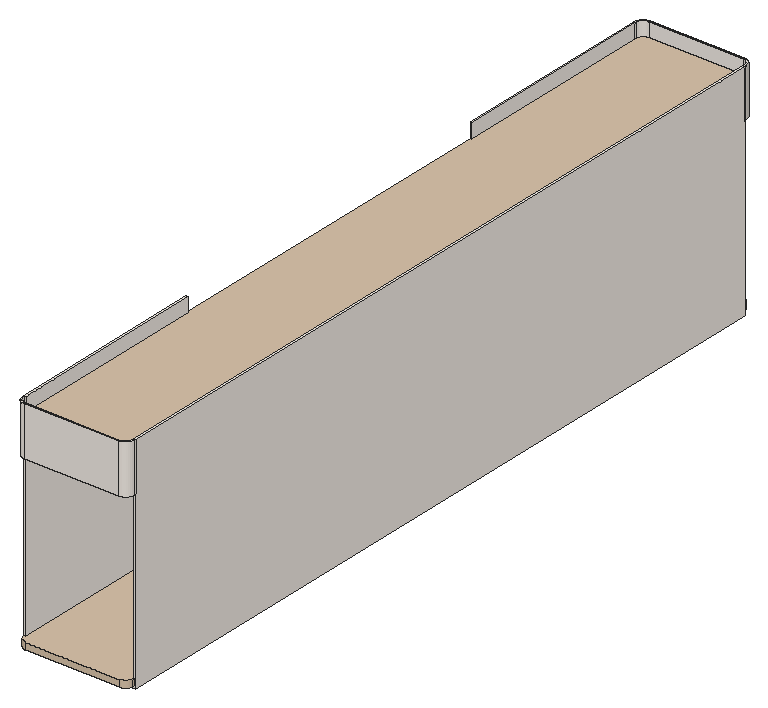
Revit family "Haworth_ActiveComponents_SuspendedEnder_BUILD", category Furniture Systems, Revit 2015
Parameters (values of type "63w - Open with Box Drawer")
  Width = 63"
  Warranty = "http://www.haworth.com/resources/product-info/warranties"
  URL - Product = "http://www.haworth.com/products/workspaces/accessories/active-components"
  URL = "http://www.haworth.com/"
  Type Comments = ""
  Sustainability Info = "https://www.haworth.com/company-info/sustainability"
  Size = "Verify Final Dim. w/ Haworth"  # constant formula
  Shelf Finish [instance] = Haworth _ Wood _ White Oak
  Revision Number = "1"  # constant formula
  Open with Box Drawer = not(Box File)  # yes
  Model = "AHEA, AHEC"  # constant formula
  Min. Width = 51"  # constant formula
  Max. Width = 63"  # constant formula
  Manufacturer = "Haworth"  # constant formula
  Drawer Height = if(Box File, 18", 3 15/16")  # 3 15/16"
  Drawer Finish [instance] = Haworth _ Paint _ Plaster
  Description = "Haworth Active Components Suspended Ender - Open with Box Drawer - 63w"
  Case Finish [instance] = Haworth _ Paint _ Plaster
  Box File = no
  Author = "Haworth (Alias)"  # constant formula
  Assembly Code = "E2020200"
  Actual Width = if(Width < Min. Width, Min. Width, if(Width > Max. Width, Max. Width, Width))  # 63"
  Actual Mounting Height = 29"
  Actual Height = 18"  # constant formula
  Actual Depth = 9"  # constant formula
Types (4): name | Width | Open with Box Drawer | Drawer Height | Description | Box File | Actual Width
  51w - Box File | 51" | no | 18" | "Haworth Active Components Suspended Ender - Box File - 51w" | yes | 51"
  63w - Box File | 63" | no | 18" | "Haworth Active Components Suspended Ender - Box File - 63w" | yes | 63"
  51w - Open with Box Drawer | 51" | yes | 3 15/16" | "Haworth Active Components Suspended Ender - Open with Box Drawer - 51w" | no | 51"
  63w - Open with Box Drawer | 63" | yes | 3 15/16" | "Haworth Active Components Suspended Ender - Open with Box Drawer - 63w" | no | 63"
Reference planes (in)
  plane 1: z = 0
  plane 2 "Center L/R": x = 0
  plane 3 "Left": x = -4.5
  plane 4 "Right": x = 4.5
  plane 5 "Front": y = -24.87452
  plane 6 "Back": y = 38.12548
  plane 7 "Center (F/B)": y = 6.62548
  plane 8 "Inside Front": y = -24.74952
  plane 9 "Inside Right": x = 4.375
  plane 10 "Inside Left": x = -4.375
  plane 11: y = -7.74952
  plane 12: y = -7.70152
  plane 13 "Inside Back": y = 38.00048
  plane 14: y = 21.00048
  plane 15: y = 20.95248
  plane 16: z = 11.1875
  plane 17: z = 11.73437
  plane 18: z = 19.295
  plane 19: z = 19.84187
  plane 20: z = 27.90437
  plane 21: z = 27.37312
  plane 22 "Top": z = 29
  plane 23: z = 11
  plane 24: y = -24.06202
  plane 25: y = 37.31298
  plane 26 "Drawer Bottom": z = 25.0625
Forms (in)
  Extrusion 1, solid, material "Haworth _ Wood _ White Oak" <- "Shelf Finish"
    sketch origin (0, 0, 0) x (1, 0, 0) y (0, 1, 0)
      loop
        line (-3.8125, -24.74952) -> (3.8125, -24.74952)
        arc (3.8125, -24.74952) -> (4.21025, -24.58477) -> (4.375, -24.18702) r 0.5625
        line (4.375, -24.18702) -> (4.375, 37.40673)
        arc (4.375, 37.40673) -> (4.20109, 37.82657) -> (3.78125, 38.00048) r 0.59375
        line (3.78125, 38.00048) -> (-3.8125, 38.00048)
        arc (-3.8125, 38.00048) -> (-4.21025, 37.83573) -> (-4.375, 37.43798) r 0.5625
        line (-4.375, 37.43798) -> (-4.375, -24.18702)
        arc (-4.375, -24.18702) -> (-4.21025, -24.58477) -> (-3.8125, -24.74952) r 0.5625
    from 11.1875 to 11.73438
  Extrusion 2, solid, material "Haworth _ Wood _ White Oak" <- "Shelf Finish"
    sketch origin (0, 0, 0) x (1, 0, 0) y (0, 1, 0)
      loop
        line (-3.8125, -24.74952) -> (3.8125, -24.74952)
        arc (3.8125, -24.74952) -> (4.21025, -24.58477) -> (4.375, -24.18702) r 0.5625
        line (4.375, -24.18702) -> (4.375, 37.40673)
        arc (4.375, 37.40673) -> (4.20109, 37.82657) -> (3.78125, 38.00048) r 0.59375
        line (3.78125, 38.00048) -> (-3.8125, 38.00048)
        arc (-3.8125, 38.00048) -> (-4.21025, 37.83573) -> (-4.375, 37.43798) r 0.5625
        line (-4.375, 37.43798) -> (-4.375, -24.18702)
        arc (-4.375, -24.18702) -> (-4.21025, -24.58477) -> (-3.8125, -24.74952) r 0.5625
    from 27.37312 to 27.90437
  Extrusion 3, solid, material "Haworth _ Wood _ White Oak" <- "Shelf Finish"
    sketch origin (0, 0, 0) x (1, 0, 0) y (0, 1, 0)
      loop
        line (4.375, -7.70152) -> (4.375, 20.95248) -> (-4.375, 20.95248) -> (-4.375, -7.70152) -> (4.375, -7.70152)
    from 19.295 to 19.84187
  Extrusion 4, solid, material "Haworth _ Paint _ Plaster" <- "Case Finish"
    sketch origin (0, 6.62548, 0) x (-1, 0, 0) y (0, 0, 1)
      loop
        line (-3.5, 11) -> (-3.5, 11.1875) -> (-4.375, 11.1875) -> (-4.375, 29) -> (-4.5, 29) -> (-4.5, 11) -> (-3.5, 11)
    from -30.6875 to 30.6875
  Extrusion 5, solid, material "Haworth _ Paint _ Plaster" <- "Case Finish"
    sketch origin (0, 6.62548, 0) x (1, 0, 0) y (0, 0, -1)
      loop
        line (-3.5, -11) -> (-4.5, -11) -> (-4.5, -29) -> (-4.375, -29) -> (-4.375, -11.1875) -> (-3.5, -11.1875) -> (-3.5, -11)
    from -30.6875 to -14.327
  Extrusion 6, solid, material "Haworth _ Paint _ Plaster" <- "Case Finish"
    sketch origin (0, 6.62548, 0) x (1, 0, 0) y (0, 0, 1)
      loop
        line (-3.5, 11) -> (-3.5, 11.1875) -> (-4.375, 11.1875) -> (-4.375, 29) -> (-4.5, 29) -> (-4.5, 11) -> (-3.5, 11)
    from -30.6875 to -14.327
  Extrusion 7, solid, material "Haworth _ Paint _ Plaster" <- "Case Finish"
    sketch origin (0, 0, 0) x (0, 1, 0) y (0, 0, 1)
      loop
        line (-7.74952, 11.79688) -> (-8.62452, 11.79688) -> (-8.62452, 11.73438) -> (-7.70152, 11.73438) -> (-7.70152, 27.37312) -> (-7.74952, 27.37312) -> (-7.74952, 11.79688)
    from -4.375 to 4.375
  Extrusion 8, solid, material "Haworth _ Paint _ Plaster" <- "Case Finish"
    sketch origin (0, 13.25096, 0) x (0, -1, 0) y (0, 0, -1)
      loop
        line (-7.74952, -11.79687) -> (-7.74952, -27.37312) -> (-7.70152, -27.37312) -> (-7.70152, -11.73437) -> (-8.62452, -11.73437) -> (-8.62452, -11.79687) -> (-7.74952, -11.79687)
    from -4.375 to 4.375
  Extrusion 9, solid, material "Haworth _ Paint _ Plaster" <- "Drawer Finish"
    sketch origin (0, 0, 0) x (1, 0, 0) y (0, 1, 0)
      loop
        line (-3.8125, -24.87452) -> (3.8125, -24.87452)
        arc (3.8125, -24.87452) -> (4.29864, -24.67316) -> (4.5, -24.18702) r 0.6875
        line (4.5, -24.18702) -> (4.5, -24.06202) -> (4.375, -24.06202) -> (4.375, -24.18702)
        arc (4.375, -24.18702) -> (4.21025, -24.58477) -> (3.8125, -24.74952) r 0.5625
        line (3.8125, -24.74952) -> (-3.8125, -24.74952)
        arc (-3.8125, -24.74952) -> (-4.21025, -24.58477) -> (-4.375, -24.18702) r 0.5625
        line (-4.375, -24.18702) -> (-4.375, -24.06202) -> (-4.5, -24.06202) -> (-4.5, -24.18702)
        arc (-4.5, -24.18702) -> (-4.29864, -24.67316) -> (-3.8125, -24.87452) r 0.6875
    from 25.0625 to 29
  Extrusion 10, solid, material "Haworth _ Paint _ Plaster" <- "Drawer Finish"
    sketch origin (0, 13.25096, 0) x (1, 0, 0) y (0, 1, 0)
      loop
        arc (-3.8125, 24.87452) -> (-4.29864, 24.67316) -> (-4.5, 24.18702) r 0.6875
        line (-4.5, 24.18702) -> (-4.5, 24.06202) -> (-4.375, 24.06202) -> (-4.375, 24.18702)
        arc (-4.375, 24.18702) -> (-4.21025, 24.58477) -> (-3.8125, 24.74952) r 0.5625
        line (-3.8125, 24.74952) -> (3.8125, 24.74952)
        arc (3.8125, 24.74952) -> (4.21025, 24.58477) -> (4.375, 24.18702) r 0.5625
        line (4.375, 24.18702) -> (4.375, 24.06202) -> (4.5, 24.06202) -> (4.5, 24.18702)
        arc (4.5, 24.18702) -> (4.29864, 24.67316) -> (3.8125, 24.87452) r 0.6875
        line (3.8125, 24.87452) -> (-3.8125, 24.87452)
    from 25.0625 to 29
Lines and regions (in)
  Masking region 1
    outline origin (0, 0, 0) x (1, 0, 0) y (0, 1, 0)
      loop
        arc (-3.8125, 38.12548) -> (-4.29864, 37.92412) -> (-4.5, 37.43798) r 0.6875
        line (-4.5, 37.43798) -> (-4.5, -24.18702)
        arc (-4.5, -24.18702) -> (-4.29864, -24.67316) -> (-3.8125, -24.87452) r 0.6875
        line (-3.8125, -24.87452) -> (3.8125, -24.87452)
        arc (3.8125, -24.87452) -> (4.29864, -24.67316) -> (4.5, -24.18702) r 0.6875
        line (4.5, -24.18702) -> (4.5, 37.43798)
        arc (4.5, 37.43798) -> (4.29864, 37.92412) -> (3.8125, 38.12548) r 0.6875
        line (3.8125, 38.12548) -> (-3.8125, 38.12548)
  symbolic lines, detail levels medium+fine
    curve 1: line (-4.5, -7.70152, 0) -> (4.5, -7.70152, 0)
    curve 2: line (4.5, 20.95248, 0) -> (-4.5, 20.95248, 0)
Dimensions and locks (in)
  equal spacing: plane 3 "Left", plane 2 "Center L/R", plane 4 "Right"
  equal spacing: plane 6 "Back", plane 7 "Center (F/B)", plane 5 "Front"
  "Actual Width": plane 6 "Back" to plane 5 "Front"
  locked: plane 8 "Inside Front" to plane 5 "Front" at 0.125
  locked: plane 9 "Inside Right" to plane 4 "Right" at 0.125
  "Actual Depth": plane 3 "Left" to plane 4 "Right"
  locked: plane 3 "Left" to plane 10 "Inside Left" at 0.125
  locked: plane 12 to plane 11 at 0.048
  locked: plane 11 to plane 8 "Inside Front" at 17
  locked: plane 15 to plane 14 at 0.048
  locked: plane 14 to plane 13 "Inside Back" at 17
  locked: plane 6 "Back" to plane 13 "Inside Back" at 0.125
  "Actual Height": plane 22 "Top" to plane 23
  locked: plane 16 to plane 23 at 0.1875
  locked: plane 17 to plane 16 at 0.54687
  locked: plane 19 to plane 18 at 0.54688
  locked: plane 18 to plane 17 at 7.56062
  locked: plane 21 to plane 19 at 7.53125
  locked: plane 20 to plane 21 at 0.53125
  locked: plane 24 to plane 8 "Inside Front" at 0.6875
  locked: plane 25 to plane 13 "Inside Back" at 0.6875
  locked: Extrusion 4 sketch curve to plane 4 "Right" at 1
  locked: plane 3 "Left" to Extrusion 5 sketch curve at 1
  locked: Extrusion 5 to Extrusion 5 at 1
  locked: Extrusion 7 sketch curve to plane 17 at 0.0625
  locked: Extrusion 7 sketch curve to plane 11 at 0.875
  locked: Extrusion 8 sketch curve to plane 17 at 0.0625
  locked: plane 14 to Extrusion 8 sketch curve at 0.875
  "Drawer Height": plane 26 "Drawer Bottom" to plane 22 "Top"
  "Actual Mounting Height": plane 22 "Top" to plane 1
  aligned and locked: level to plane 1
  aligned and locked: plane 8 "Inside Front" to Extrusion 1 sketch curve
  aligned and locked: Extrusion 1 sketch curve to plane 9 "Inside Right"
  aligned and locked: Extrusion 1 sketch curve to plane 10 "Inside Left"
  aligned and locked: plane 13 "Inside Back" to Extrusion 1 sketch curve
  aligned and locked: Extrusion 1 to plane 16
  aligned and locked: plane 17 to Extrusion 1
  aligned and locked: Extrusion 2 sketch curve to plane 9 "Inside Right"
  aligned and locked: plane 13 "Inside Back" to Extrusion 2 sketch curve
  aligned and locked: plane 8 "Inside Front" to Extrusion 2 sketch curve
  aligned and locked: Extrusion 2 sketch curve to plane 10 "Inside Left"
  aligned and locked: plane 20 to Extrusion 2
  aligned and locked: Extrusion 2 to plane 21
  aligned and locked: Extrusion 3 sketch curve to plane 10 "Inside Left"
  aligned and locked: plane 15 to Extrusion 3 sketch curve
  aligned and locked: Extrusion 3 sketch curve to plane 9 "Inside Right"
  aligned and locked: plane 12 to Extrusion 3 sketch curve
  aligned and locked: plane 19 to Extrusion 3
  aligned and locked: Extrusion 3 to plane 18
  aligned and locked: Extrusion 4 sketch curve to plane 23
  aligned and locked: Extrusion 4 sketch curve to plane 4 "Right"
  aligned and locked: Extrusion 4 sketch curve to plane 9 "Inside Right"
  aligned and locked: plane 22 "Top" to Extrusion 4 sketch curve
  aligned and locked: plane 16 to Extrusion 4 sketch curve
  aligned and locked: Extrusion 4 to plane 25
  aligned and locked: Extrusion 4 to plane 24
  aligned and locked: plane 23 to Extrusion 5 sketch curve
  aligned and locked: Extrusion 5 sketch curve to plane 16
  aligned and locked: plane 3 "Left" to Extrusion 5 sketch curve
  aligned and locked: plane 10 "Inside Left" to Extrusion 5 sketch curve
  aligned and locked: Extrusion 5 sketch curve to plane 22 "Top"
  aligned and locked: plane 12 to Extrusion 5
  aligned and locked: Extrusion 5 to plane 24
  aligned and locked: plane 3 "Left" to Extrusion 6 sketch curve
  aligned and locked: plane 10 "Inside Left" to Extrusion 6 sketch curve
  aligned and locked: plane 23 to Extrusion 6 sketch curve
  aligned and locked: Extrusion 6 sketch curve to plane 16
  aligned and locked: plane 22 "Top" to Extrusion 6 sketch curve
  aligned and locked: Extrusion 6 sketch curve to plane 22 "Top"
  aligned and locked: Extrusion 7 sketch curve to plane 12
  aligned and locked: plane 17 to Extrusion 7 sketch curve
  aligned and locked: plane 11 to Extrusion 7 sketch curve
  aligned and locked: Extrusion 7 sketch curve to plane 21
  aligned and locked: plane 9 "Inside Right" to Extrusion 7
  aligned and locked: plane 10 "Inside Left" to Extrusion 7
  aligned and locked: Extrusion 8 sketch curve to plane 17
  aligned and locked: plane 15 to Extrusion 8 sketch curve
  aligned and locked: Extrusion 8 sketch curve to plane 14
  aligned and locked: plane 21 to Extrusion 8 sketch curve
  aligned and locked: plane 10 "Inside Left" to Extrusion 8
  aligned and locked: plane 9 "Inside Right" to Extrusion 8
  aligned and locked: Extrusion 9 sketch curve to plane 3 "Left"
  aligned and locked: Extrusion 9 sketch curve to plane 10 "Inside Left"
  aligned and locked: plane 24 to Extrusion 9 sketch curve  (x2)
  aligned and locked: Extrusion 9 sketch curve to plane 8 "Inside Front"
  aligned and locked: Extrusion 9 sketch curve to plane 5 "Front"
  aligned and locked: Extrusion 9 sketch curve to plane 4 "Right"
  aligned and locked: plane 9 "Inside Right" to Extrusion 9 sketch curve
  aligned and locked: plane 22 "Top" to Extrusion 9
  aligned and locked: Extrusion 10 sketch curve to plane 25
  aligned and locked: plane 4 "Right" to Extrusion 10 sketch curve
  aligned and locked: plane 9 "Inside Right" to Extrusion 10 sketch curve
  aligned and locked: plane 13 "Inside Back" to Extrusion 10 sketch curve
  aligned and locked: Extrusion 10 sketch curve to plane 6 "Back"
  aligned and locked: plane 3 "Left" to Extrusion 10 sketch curve
  aligned and locked: Extrusion 10 sketch curve to plane 10 "Inside Left"
  aligned and locked: plane 22 "Top" to Extrusion 10
  aligned and locked: plane 26 "Drawer Bottom" to Extrusion 10
  aligned and locked: Extrusion 9 to plane 26 "Drawer Bottom"
  aligned and locked: plane 5 "Front" to Masking region 1 sketch curve
  aligned and locked: plane 4 "Right" to Masking region 1 sketch curve
  aligned and locked: plane 3 "Left" to Masking region 1 sketch curve
  aligned and locked: Masking region 1 sketch curve to plane 6 "Back"
  aligned and locked: Extrusion 6 to plane 25
  aligned and locked: plane 15 to Extrusion 6
  aligned and locked: curve 2 to plane 15
  aligned and locked: curve 1 to plane 12
Automatic sketch dimensions
  Extrusion 1 sketch curve to plane 24 = 1/8"  (x2)
  Extrusion 1 sketch curve to plane 10 "Inside Left" = 9/16"
  Extrusion 1 sketch curve to plane 25 = 3/32"
  Extrusion 2 sketch curve to plane 24 = 1/8"  (x2)
  Extrusion 2 sketch curve to plane 10 "Inside Left" = 9/16"
  Extrusion 2 sketch curve to plane 25 = 3/32"
  Extrusion 6 sketch curve to plane 10 "Inside Left" = 7/8"
  Extrusion 9 sketch curve to Extrusion 9 sketch curve = 0"  (x4)
  Extrusion 9 sketch curve to plane 10 "Inside Left" = 9/16"
  Extrusion 9 sketch curve to plane 9 "Inside Right" = 9/16"
  Extrusion 10 sketch curve to Extrusion 10 sketch curve = 0"  (x2)
  plane 25 to Extrusion 10 sketch curve = 0"
  plane 10 "Inside Left" to Extrusion 10 sketch curve = 9/16"
  plane 9 "Inside Right" to Extrusion 10 sketch curve = 9/16"
  Masking region 1 sketch curve to plane 10 "Inside Left" = 9/16"  (x2)
  Masking region 1 sketch curve to plane 25 = 1/8"
  Masking region 1 sketch curve to plane 9 "Inside Right" = 9/16"
  curve 2 to plane 3 "Left" = 0"
  curve 1 to plane 3 "Left" = 0"
  curve 2 to plane 4 "Right" = 0"
  curve 1 to plane 4 "Right" = 0"
